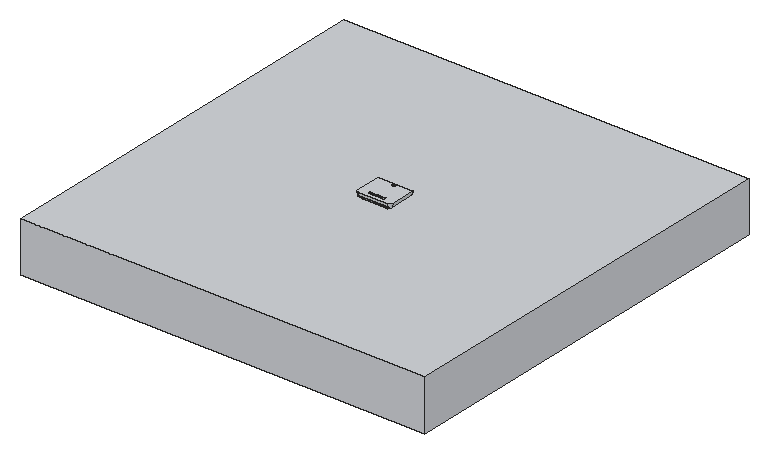
Revit family "BC_URMET_MONITEUR-HBS-V2_LOD2000", category Appareils de communication, Revit 2017
Family settings
  Hôte = Face
  Conserver l'orientation des annotations = Non
  Cote de connecteur circulaire = Utiliser le diamètre
  Type d'élément = Normal
  Numéro OmniClass = 23.85.50.14.21
  Titre OmniClass = Intercommunication Equipment
  Couper avec des vides une fois chargée = Non
  Partagée = Non
  Point de calcul de pièce = Non
Parameters (values of type "URMET - MONITEUR HBS V2")
  Voyant scenario Actif = yes
  Voyant message = yes
  Voyant coupure de sonnerie = yes
  Voyant alerte = yes
  URL = "www.urmet.fr"
  Taille de l'écran = "7\""
  Réglage du volume = yes
  Ouverture porte = yes
  Model = "MONITEUR HBS V2"
  Mise en veille et allumage = yes
  Microphone = yes
  Masse = 0.655 kg
  Longueur Hors Tout = 210.00 mm
  Lecteur de badge = yes
  Largeur Hors Tout = 169.00 mm
  Haut-parleur = yes
  Fabricant = "URMET"
  Epaisseur Hors Tout = 36.00 mm
  Elévation par défaut = 1219.20 mm
  Ecran tactile = yes
  Description = "Moniteur main libre vidéo tactile 7 pouces"
  Type Comments = "MONITEUR HBS V2"
  Code Produit = "MHBSV2"
  Boucle magnétique intégrée = yes
Reference planes
  plane 1 "Centre (avant/arrière)": y = 0
  plane 2: z = 0
  plane 3 "Centre (gauche/droite)": x = 0
  plane 4: x = -104.799
  plane 5: y = 84.092
  plane 6: y = -84.092
  plane 7: x = 104.799
  plane 8: z = 39.194
Forms (mm)
  Extrusion 1, solid
    sketch origin (0, 0, 0) x (1, 0, 0) y (0, 1, 0)
      loop
        line (-1219.2, 1219.2) -> (-1219.2, -1219.2) -> (1219.2, -1219.2) -> (1219.2, 1219.2) -> (-1219.2, 1219.2)
    from 0 to -304.8
  Blend 2, solid
    base sketch origin (-125.009, -4572, 19.92) x (-1, 0, 0) y (0, -1, 0)
      loop
        line (-224.823, -4654.108) -> (-25.194, -4654.108)
        arc (-25.194, -4654.108) -> (-23.072, -4653.229) -> (-22.193, -4651.107) r 3.001
        line (-22.193, -4651.107) -> (-22.193, -4504.644)
        arc (-22.193, -4504.644) -> (-26.514, -4494.212) -> (-36.945, -4489.892) r 14.753
        line (-36.945, -4489.892) -> (-213.072, -4489.892)
        arc (-213.072, -4489.892) -> (-223.504, -4494.212) -> (-227.825, -4504.644) r 14.753
        line (-227.825, -4504.644) -> (-227.825, -4651.107)
        arc (-227.825, -4651.107) -> (-226.946, -4653.229) -> (-224.823, -4654.108) r 3.001
    top sketch origin (-125.009, -4572, 19.92) x (-1, 0, 0) y (0, -1, 0)
      loop
        line (-200.263, -4609.319) -> (-49.754, -4609.319) -> (-49.754, -4504.041) -> (-200.263, -4504.041) -> (-200.263, -4609.319)
    from 0 to -15
  Blend 3, solid
    base sketch origin (-125.009, -4572, 4.92) x (0, -1, 0) y (1, 0, 0)
      loop
        line (-4609.319, 49.754) -> (-4504.041, 49.754) -> (-4504.041, 200.263) -> (-4609.319, 200.263) -> (-4609.319, 49.754)
    top sketch origin (-125.009, -4572, 4.92) x (-1, 0, 0) y (0, -1, 0)
      loop
        line (-51.509, -4607.491) -> (-51.509, -4508.702) -> (-198.509, -4508.702) -> (-198.509, -4607.491) -> (-51.509, -4607.491)
    from 0 to -4.92
  Extrusion 4, solid
    sketch origin (-132.659, -4572, 38.446) x (-1, 0, 0) y (0, -1, 0)
      loop
        line (-124.665, -4645.39) -> (-124.665, -4641.871)
        arc (-124.665, -4641.871) -> (-125.89, -4640.647) -> (-127.114, -4641.871) r 1.224
        line (-127.114, -4641.871) -> (-127.114, -4645.39) -> (-126.14, -4645.39) -> (-126.14, -4641.862)
        arc (-126.14, -4641.862) -> (-125.89, -4641.612) -> (-125.64, -4641.862) r 0.25
        line (-125.64, -4641.862) -> (-125.64, -4645.39) -> (-124.665, -4645.39)
      loop
        line (-129.319, -4643.374) -> (-130.268, -4643.374) -> (-130.268, -4644.687)
        arc (-130.268, -4644.687) -> (-130.1, -4645.143) -> (-129.676, -4645.381) r 0.702
        arc (-129.676, -4645.381) -> (-129.206, -4645.334) -> (-128.819, -4645.064) r 0.931
        line (-128.819, -4645.064) -> (-128.819, -4644.174)
        arc (-128.819, -4644.174) -> (-129.069, -4644.424) -> (-129.319, -4644.174) r 0.25
        line (-129.319, -4644.174) -> (-129.319, -4643.374)
      loop
        line (-133.602, -4640.69) -> (-134.551, -4640.69) -> (-134.551, -4644.687)
        arc (-134.551, -4644.687) -> (-134.383, -4645.143) -> (-133.959, -4645.381) r 0.702
        arc (-133.959, -4645.381) -> (-133.537, -4645.327) -> (-133.212, -4645.054) r 0.755
        line (-133.212, -4645.054) -> (-131.722, -4644.399) -> (-131.722, -4645.39) -> (-130.74, -4645.39) -> (-130.74, -4640.69) -> (-131.689, -4640.69) -> (-131.689, -4644.174)
        arc (-131.689, -4644.174) -> (-131.939, -4644.424) -> (-132.189, -4644.174) r 0.25
        line (-132.189, -4644.174) -> (-132.189, -4640.69) -> (-133.102, -4640.69) -> (-133.102, -4644.174)
        arc (-133.102, -4644.174) -> (-133.352, -4644.424) -> (-133.602, -4644.174) r 0.25
        line (-133.602, -4644.174) -> (-133.602, -4640.69)
      loop
        line (-138.197, -4647.339) -> (-138.197, -4646.539) -> (-124.665, -4646.539) -> (-124.665, -4645.739) -> (-138.197, -4645.739) -> (-138.197, -4641.871)
        arc (-138.197, -4641.871) -> (-139.421, -4640.647) -> (-140.645, -4641.871) r 1.224
        line (-140.645, -4641.871) -> (-140.645, -4642.662) -> (-139.671, -4642.662) -> (-139.671, -4641.862)
        arc (-139.671, -4641.862) -> (-139.421, -4641.612) -> (-139.171, -4641.862) r 0.25
        line (-139.171, -4641.862) -> (-139.171, -4645.739) -> (-140.645, -4645.739) -> (-140.645, -4646.539) -> (-139.171, -4646.539) -> (-139.171, -4647.339) -> (-138.197, -4647.339)
      loop
        arc (-136.578, -4641.862) -> (-136.328, -4641.612) -> (-136.078, -4641.862) r 0.25
        line (-136.078, -4641.862) -> (-136.078, -4642.856) -> (-137.054, -4642.856)
        arc (-137.054, -4642.856) -> (-137.407, -4643.002) -> (-137.554, -4643.356) r 0.5
        line (-137.554, -4643.356) -> (-137.554, -4644.165)
        arc (-137.554, -4644.165) -> (-136.329, -4645.39) -> (-135.104, -4644.165) r 1.225
        line (-135.104, -4644.165) -> (-135.104, -4641.871)
        arc (-135.104, -4641.871) -> (-136.328, -4640.647) -> (-137.553, -4641.871) r 1.224
        line (-137.553, -4641.871) -> (-137.553, -4642.662) -> (-136.578, -4642.662) -> (-136.578, -4641.862)
      loop
        arc (-136.078, -4643.596) -> (-136.328, -4643.346) -> (-136.578, -4643.596) r 0.25
        line (-136.578, -4643.596) -> (-136.578, -4644.405)
        arc (-136.578, -4644.405) -> (-136.328, -4644.655) -> (-136.078, -4644.405) r 0.25
        line (-136.078, -4644.405) -> (-136.078, -4643.596)
    from 0 to 1
  Extrusion 5, solid
    sketch origin (-132.659, -4572, 38.446) x (-1, 0, 0) y (0, -1, 0)
      loop
        arc (-133.212, -4645.054) -> (-132.454, -4645.389) -> (-131.722, -4645.002) r 0.949
        line (-131.722, -4645.002) -> (-131.144, -4644.146) -> (-133.212, -4645.054)
      loop
        line (-128.819, -4645.39) -> (-127.824, -4645.39) -> (-127.824, -4640.647) -> (-128.819, -4640.647) -> (-128.819, -4645.39)
    from 0 to 1
  Extrusion 6, solid, not visible
    sketch origin (0, 0, 0) x (1, 0, 0) y (0, 1, 0)
      loop
        circle (-36.75, -13.903) r 1
      loop
        circle (39.691, -13.903) r 1
    from 0 to 1
  Blend 7, solid
    base sketch origin (-99.719, -4572, 39.194) x (0, -1, 0) y (1, 0, 0)
      loop
        line (-4656.092, 199.518) -> (-4656.092, -0.08)
        arc (-4656.092, -0.08) -> (-4654.627, -3.616) -> (-4651.092, -5.08) r 5
        line (-4651.092, -5.08) -> (-4504.508, -5.08)
        arc (-4504.508, -5.08) -> (-4492.77, -0.218) -> (-4487.908, 11.52) r 16.6
        line (-4487.908, 11.52) -> (-4487.908, 187.918)
        arc (-4487.908, 187.918) -> (-4492.77, 199.656) -> (-4504.508, 204.518) r 16.6
        line (-4504.508, 204.518) -> (-4651.092, 204.518)
        arc (-4651.092, 204.518) -> (-4654.627, 203.054) -> (-4656.092, 199.518) r 5
    top sketch origin (-99.719, -4572, 39.194) x (0, -1, 0) y (1, 0, 0)
      loop
        arc (-4489.892, 187.783) -> (-4494.212, 198.214) -> (-4504.644, 202.535) r 14.753
        line (-4504.644, 202.535) -> (-4651.107, 202.535)
        arc (-4651.107, 202.535) -> (-4653.229, 201.656) -> (-4654.108, 199.534) r 3.001
        line (-4654.108, 199.534) -> (-4654.108, -0.096)
        arc (-4654.108, -0.096) -> (-4653.229, -2.218) -> (-4651.107, -3.097) r 3.001
        line (-4651.107, -3.097) -> (-4504.644, -3.097)
        arc (-4504.644, -3.097) -> (-4494.212, 1.224) -> (-4489.892, 11.656) r 14.753
        line (-4489.892, 11.656) -> (-4489.892, 187.783)
    from 0 to -19.274
  Extrusion 8, solid
    sketch origin (-99.719, -4572, 39.194) x (0, -1, 0) y (1, 0, 0)
      loop
        line (-4525.245, 76.212) -> (-4513.31, 76.212) -> (-4513.31, 99.36) -> (-4525.245, 99.36) -> (-4525.245, 76.212)
      loop
        line (-4525.245, 52.354) -> (-4513.31, 52.354) -> (-4513.31, 75.502) -> (-4525.245, 75.502) -> (-4525.245, 52.354)
      loop
        line (-4525.245, 123.227) -> (-4525.245, 100.079) -> (-4513.31, 100.079) -> (-4513.31, 123.227) -> (-4525.245, 123.227)
      loop
        line (-4525.245, 147.084) -> (-4525.245, 123.936) -> (-4513.31, 123.936) -> (-4513.31, 147.084) -> (-4525.245, 147.084)
    from 0 to 0.956
Cuts and joins
  joined: Blend 2, Blend 3
  joined: Extrusion 4, Extrusion 5
Lines and regions (mm)
  model lines
    curve 1: line (-35.804, -48.851, 40.151) -> (-35.804, -52.836, 40.151)
    curve 2: arc (-36.942, -50.311, 40.151) -> (-35.804, -55.346, 40.151) -> (-34.666, -50.311, 40.151) r 2.646
    curve 3: line (-10.388, -54.526, 40.151) -> (-10.388, -52.701, 40.151)
    curve 4: line (-8.573, -54.526, 40.151) -> (-8.573, -52.701, 40.151)
    curve 5: line (-7.373, -52.701, 40.151) -> (-12.563, -52.701, 40.151)
    curve 6: arc (-12.563, -52.701, 40.151) -> (-15.674, -51.39, 40.151) -> (-14.426, -54.526, 40.151) r 1.83
    curve 7: line (12.704, -50.512, 40.151) -> (10.054, -51.838, 40.151)
    curve 8: line (10.054, -51.838, 40.151) -> (10.054, -53.605, 40.151)
    curve 9: line (8.286, -51.838, 40.151) -> (8.286, -53.605, 40.151)
    curve 10: line (10.054, -51.838, 40.151) -> (8.286, -51.838, 40.151)
    curve 11: line (8.286, -53.605, 40.151) -> (10.054, -53.605, 40.151)
    curve 12: line (10.054, -53.605, 40.151) -> (12.704, -54.93, 40.151)
    curve 13: line (12.704, -54.93, 40.151) -> (12.704, -50.512, 40.151)
    curve 14: line (14.028, -52.701, 40.151) -> (15.802, -52.701, 40.151)
    curve 15: line (36.592, -50.512, 40.151) -> (33.942, -51.838, 40.151)
    curve 16: line (33.942, -51.838, 40.151) -> (33.942, -53.605, 40.151)
    curve 17: line (32.174, -51.838, 40.151) -> (32.174, -53.605, 40.151)
    curve 18: line (33.942, -51.838, 40.151) -> (32.174, -51.838, 40.151)
    curve 19: line (32.174, -53.605, 40.151) -> (33.942, -53.605, 40.151)
    curve 20: line (33.942, -53.605, 40.151) -> (36.592, -54.93, 40.151)
    curve 21: line (36.592, -54.93, 40.151) -> (36.592, -50.512, 40.151)
    curve 22: line (37.916, -52.701, 40.151) -> (39.691, -52.701, 40.151)
    curve 23: line (38.803, -53.589, 40.151) -> (38.803, -51.814, 40.151)
    curve 24: arc (86.657, -15.175, 39.194) -> (84.251, -17.762, 39.194) -> (83.564, -21.227, 39.194) r 6.465
    curve 25: arc (85.388, -13.374, 39.194) -> (82.289, -16.766, 39.194) -> (81.361, -21.267, 39.194) r 8.665
    curve 26: arc (96.417, -21.227, 39.194) -> (95.73, -17.762, 39.194) -> (93.324, -15.175, 39.194) r 6.465
    curve 27: arc (98.62, -21.267, 39.194) -> (97.692, -16.766, 39.194) -> (94.593, -13.374, 39.194) r 8.665
    curve 28: line (85.188, -23.92, 39.194) -> (88.169, -23.92, 39.194)
    curve 29: line (89.99, -15.115, 39.194) -> (85.188, -23.92, 39.194)
    curve 30: line (94.793, -23.92, 39.194) -> (89.99, -15.115, 39.194)
    curve 31: line (91.812, -23.92, 39.194) -> (94.793, -23.92, 39.194)
    curve 32: line (89.99, -18.498, 39.194) -> (89.99, -22.726, 39.194)
    curve 33: line (89.99, -23.5, 39.194) -> (89.99, -24.343, 39.194)
    curve 34: line (87.54, -3.598, 39.194) -> (87.54, -5.094, 39.194)
    curve 35: arc (86.344, -2.436, 39.194) -> (87.188, -2.764, 39.194) -> (87.54, -3.598, 39.194) r 1.162
    curve 36: arc (85.09, -1.219, 39.194) -> (85.46, -2.092, 39.194) -> (86.344, -2.436, 39.194) r 1.218
    curve 37: line (85.09, 10.452, 39.194) -> (85.09, -1.219, 39.194)
    curve 38: arc (87.541, 10.452, 39.194) -> (86.316, 11.677, 39.194) -> (85.09, 10.452, 39.194) r 1.225
    curve 39: line (87.541, 2.236, 39.194) -> (87.541, 10.452, 39.194)
    curve 40: arc (89.984, 3.329, 39.194) -> (88.763, 4.55, 39.194) -> (87.541, 3.329, 39.194) r 1.222
    curve 41: arc (92.427, 3.329, 39.194) -> (91.206, 4.55, 39.194) -> (89.984, 3.329, 39.194) r 1.222
    curve 42: arc (94.871, 3.329, 39.194) -> (93.65, 4.55, 39.194) -> (92.428, 3.329, 39.194) r 1.222
    curve 43: line (94.871, -1.337, 39.194) -> (94.871, 3.329, 39.194)
    curve 44: arc (93.624, -2.436, 39.194) -> (94.464, -2.133, 39.194) -> (94.871, -1.337, 39.194) r 1.218
    curve 45: arc (92.428, -3.598, 39.194) -> (92.78, -2.764, 39.194) -> (93.624, -2.436, 39.194) r 1.162
    curve 46: line (92.428, -5.094, 39.194) -> (92.428, -3.598, 39.194)
    curve 47: line (94.62, 37.683, 39.194) -> (86.223, 20.93, 39.194)
    curve 48: line (82.913, 25.378, 39.194) -> (86.002, 25.378, 39.194)
    curve 49: line (82.913, 26.895, 39.194) -> (82.913, 25.378, 39.194)
    curve 50: arc (84.535, 28.534, 39.194) -> (83.387, 28.048, 39.194) -> (82.913, 26.895, 39.194) r 1.639
    curve 51: arc (86.064, 30.078, 39.194) -> (85.617, 28.991, 39.194) -> (84.535, 28.534, 39.194) r 1.544
    curve 52: line (86.064, 32.429, 39.194) -> (86.064, 30.078, 39.194)
    curve 53: arc (92.187, 35.775, 39.194) -> (88.133, 35.918, 39.194) -> (86.064, 32.429, 39.194) r 3.976
    curve 54: line (93.938, 32.429, 39.194) -> (93.938, 30.078, 39.194)
    curve 55: arc (93.938, 30.078, 39.194) -> (94.385, 28.991, 39.194) -> (95.466, 28.534, 39.194) r 1.544
    curve 56: arc (95.466, 28.534, 39.194) -> (96.615, 28.048, 39.194) -> (97.089, 26.895, 39.194) r 1.639
    curve 57: line (97.089, 26.895, 39.194) -> (97.089, 25.375, 39.194)
    curve 58: line (97.089, 25.375, 39.194) -> (92.326, 25.375, 39.194)
    curve 59: line (92.326, 25.375, 39.194) -> (94.154, 21.846, 39.194)
    curve 60: line (82.375, 54.976, 39.194) -> (82.375, 49.07, 39.194)
    curve 61: line (82.375, 49.07, 39.194) -> (97.615, 49.07, 39.194)
    curve 62: line (97.615, 49.07, 39.194) -> (97.615, 57.54, 39.194)
    curve 63: line (97.615, 57.54, 39.194) -> (82.776, 57.54, 39.194)
    curve 64: line (82.776, 57.277, 39.194) -> (89.957, 52.442, 39.194)
    curve 65: line (89.957, 52.442, 39.194) -> (95.064, 55.825, 39.194)
    curve 66: line (82.776, 57.277, 39.194) -> (82.776, 57.54, 39.194)
    curve 67: circle (73.3, 73.282, 39.194) r 1.13 normal (0, 0, -1)
    curve 68: arc (-76.335, -50.788, 39.194) -> (-77.246, -51.7, 39.194) -> (-76.333, -52.61, 39.194) r 0.911
    curve 69: line (-76.335, -50.788, 39.194) -> (-55.331, -50.788, 39.194)
    curve 70: line (-55.333, -52.61, 39.194) -> (-76.333, -52.61, 39.194)
    curve 71: arc (-55.333, -52.61, 39.194) -> (-54.42, -51.7, 39.194) -> (-55.331, -50.788, 39.194) r 0.911
    curve 72: arc (55.331, -50.788, 39.194) -> (54.42, -51.7, 39.194) -> (55.333, -52.61, 39.194) r 0.911
    curve 73: line (55.331, -50.788, 39.194) -> (76.335, -50.788, 39.194)
    curve 74: line (76.333, -52.61, 39.194) -> (55.333, -52.61, 39.194)
    curve 75: arc (76.333, -52.61, 39.194) -> (77.246, -51.7, 39.194) -> (76.335, -50.788, 39.194) r 0.911
    curve 76: arc (63.417, -39.654, 39.194) -> (63.438, -38.679, 39.194) -> (63.327, -37.71, 39.194) r 7.191
    curve 77: arc (63.59, -41.796, 39.194) -> (63.412, -40.732, 39.194) -> (63.417, -39.654, 39.194) r 6.327
    curve 78: arc (67.155, -44.701, 39.194) -> (64.895, -43.834, 39.194) -> (63.59, -41.796, 39.194) r 3.874
    curve 79: arc (68.998, -44.916, 39.194) -> (68.08, -44.778, 39.194) -> (67.155, -44.701, 39.194) r 13.703
    curve 80: arc (70.007, -45.348, 39.194) -> (69.526, -45.076, 39.194) -> (68.998, -44.916, 39.194) r 2.513
    curve 81: arc (63.902, -48.416, 39.194) -> (67.207, -47.385, 39.194) -> (70.007, -45.348, 39.194) r 10.656
    curve 82: arc (62.369, -47.529, 39.194) -> (62.983, -48.236, 39.194) -> (63.902, -48.416, 39.194) r 1.44
    curve 83: arc (63.327, -37.71, 39.194) -> (61.643, -42.502, 39.194) -> (62.369, -47.529, 39.194) r 10.656
    curve 84: arc (63.659, -37.337, 39.194) -> (63.829, -38.507, 39.194) -> (63.815, -39.69, 39.194) r 7.591
    curve 85: arc (63.815, -39.69, 39.194) -> (63.811, -40.7, 39.194) -> (63.978, -41.696, 39.194) r 5.927
    curve 86: arc (63.978, -41.696, 39.194) -> (65.148, -43.524, 39.194) -> (67.174, -44.302, 39.194) r 3.474
    curve 87: arc (67.174, -44.302, 39.194) -> (68.126, -44.38, 39.194) -> (69.071, -44.523, 39.194) r 14.103
    curve 88: arc (69.071, -44.523, 39.194) -> (69.709, -44.719, 39.194) -> (70.285, -45.056, 39.194) r 2.913
    curve 89: arc (70.285, -45.056, 39.194) -> (71.019, -44.161, 39.194) -> (71.651, -43.191, 39.194) r 10.656
    curve 90: arc (71.651, -43.191, 39.194) -> (70.28, -36.68, 39.194) -> (63.659, -37.337, 39.194) r 4.983
    curve 91: circle (67.336, -40.7, 39.194) r 3.024 normal (0, 0, -1)
    curve 92: circle (64.24, -46.062, 39.194) r 1.022 normal (0, 0, -1)
    curve 93: line (-76.324, 62.288, 39.194) -> (76.333, 62.288, 39.194)
    curve 94: arc (-79.029, 59.582, 39.194) -> (-78.237, 61.495, 39.194) -> (-76.324, 62.288, 39.194) r 2.705
    curve 95: line (-79.029, -51.697, 39.194) -> (-79.029, 59.582, 39.194)
    curve 96: arc (76.333, 62.288, 39.194) -> (78.246, 61.495, 39.194) -> (79.039, 59.582, 39.194) r 2.705
    curve 97: line (79.039, 59.582, 39.194) -> (79.039, -51.697, 39.194)
    curve 98: arc (79.039, -51.697, 39.194) -> (78.246, -53.61, 39.194) -> (76.333, -54.402, 39.194) r 2.705
    curve 99: line (76.333, -54.402, 39.194) -> (49.871, -54.402, 39.194)
    curve 100: line (49.871, -54.402, 39.194) -> (49.871, -58.357, 39.194)
    curve 101: arc (49.871, -58.357, 39.194) -> (49.078, -60.27, 39.194) -> (47.165, -61.062, 39.194) r 2.705
    curve 102: line (47.165, -61.062, 39.194) -> (-47.156, -61.062, 39.194)
    curve 103: arc (-47.156, -61.062, 39.194) -> (-49.069, -60.27, 39.194) -> (-49.861, -58.357, 39.194) r 2.705
    curve 104: line (-49.861, -58.357, 39.194) -> (-49.861, -54.402, 39.194)
    curve 105: line (-49.861, -54.402, 39.194) -> (-76.324, -54.402, 39.194)
    curve 106: arc (-76.324, -54.402, 39.194) -> (-78.237, -53.61, 39.194) -> (-79.029, -51.697, 39.194) r 2.705
    curve 107: arc (-76.324, 60.582, 39.194) -> (-77.031, 60.29, 39.194) -> (-77.324, 59.582, 39.194) r 1
    curve 108: line (-77.324, -24.923, 39.194) -> (-77.324, 59.582, 39.194)
    curve 109: line (-76.324, 60.582, 39.194) -> (76.333, 60.582, 39.194)
    curve 110: line (77.333, 59.582, 39.194) -> (77.333, -24.923, 39.194)
    curve 111: arc (77.333, 59.582, 39.194) -> (77.041, 60.29, 39.194) -> (76.333, 60.582, 39.194) r 1
    curve 112: arc (76.333, -25.923, 39.194) -> (77.041, -25.63, 39.194) -> (77.333, -24.923, 39.194) r 1
    curve 113: line (76.333, -25.923, 39.194) -> (-76.324, -25.923, 39.194)
    curve 114: arc (-77.324, -24.923, 39.194) -> (-77.031, -25.63, 39.194) -> (-76.324, -25.923, 39.194) r 1
Dimensions and locks
  aligned and locked: plane 2 to Extrusion 1
  aligned and locked: level to Extrusion 1
Connectors
  electrical at (39.691, -13.903, 0)
    settings: on Extrusion 6, index 1, voltage 0 V, apparent load 0 VA, apparent load phase1 0 VA, apparent load phase2 0 VA, apparent load phase3 0 VA, power factor 1, load classification "Autre", number of poles 1, system type 31, power factor state 1, is connector primary yes, connector utility no, sub classification motor no, connector description ""
  electrical at (-36.75, -13.903, 0)
    settings: on Extrusion 6, index 2, voltage 0 V, apparent load 0 VA, apparent load phase1 0 VA, apparent load phase2 0 VA, apparent load phase3 0 VA, power factor 1, load classification "Autre", number of poles 1, system type 14, power factor state 1, is connector primary no, connector utility no, sub classification motor no, connector description ""
